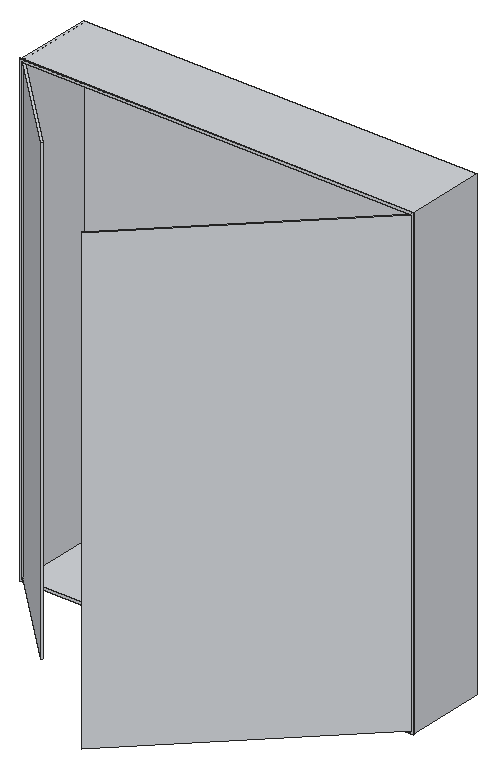
Revit family "Univers-IP44-leer-Unterputz-NoHosted-AT-de", category Electrical Equipment, Revit 2020
Family settings
  Panel Configuration = Two Columns, Circuits Across
  Round Connector Dimension = Use Diameter
  Part Type = Panelboard
  Work Plane-Based = Yes
  Always vertical = Yes
  Cut with Voids When Loaded = No
  Shared = No
  Room Calculation Point = No
Parameters (values of type "Unterputz IP44 B800 H950 T161 0 Teilungseinheiten - FWB63D")
  Width Control [instance] = if([HG000006 - Unterputz], if([EF000846 - Einbaubreite] > min_whd, [EF000846 - Einbaubreite], min_whd), if([EF000008 - Breite] > min_whd, ([EF000008 - Breite]), min_whd))  # 800 mm
  Void Depth [instance] = if([EF000218 - Einbautiefe] > 1 mm, [EF000218 - Einbautiefe], 1 mm)  # 161 mm
  Type Comments = [HG000003 - Bereich]  # "Univers"
  System Height [instance] = Height Control - 2 * [HG000005 - Dicke]  # 944 mm
  Panel Name [instance] = ""  # (empty or 0)
  Offset [instance] = 0 mm
  Model = [HG000004 - Herstellerreferenz]  # "FWB63D"
  Level Offset [instance] = [Flush Mounted - Door Frame Width] + Offset  # 0 mm
  HG000011 - Leere Reihen von unten = no
  HG000010 - Asymmetrische Türen = yes
  HG000009 - Doppelflügeligen Tür = yes
  HG000008 - Anzahl der leeren Reihen = 0
  HG000007 - Anzahl der leeren Spalten = 0
  HG000006 - Unterputz = yes
  HG000005 - Dicke = 3 mm  # constant formula
  HG000004 - Herstellerreferenz = "FWB63D"
  HG000003 - Bereich = "Univers"
  HG000002 - Mit tür = yes
  HG000001 - Anzahl der Spalten = 0
  EF015941 - Signaldurchlassende Tür = no
  EF015777 - Neutralleiterklemmenblock = no
  EF015776 - Erdungsklemmenblock = no
  EF009212 - Ausführung Deckel = "EV000116 - geschlossen"
  EF006306 - Mit Schloss = no
  EF006244 - Transparenter Deckel/Tür = no
  EF005474 - Schutzart (IP) = "EV006418 - IP44"
  EF004462 - Art der Schließung = "EV000154 - sonstige"
  EF002950 - Breite in Teilungseinheiten = 0
  EF001596 - Werkstoff des Gehäuses = "EV000179 - Stahl"
  EF001134 - DIN-Schiene = no
  EF001131 - Innentiefe = 156 mm
  EF001088 - Anbaumöglichkeit = no
  EF001062 - EMV-Ausführung = no
  EF000846 - Einbaubreite = 800 mm
  EF000339 - Art der Abdeckung = "EV004216 - Tür"
  EF000332 - Einbauhöhe = 950 mm
  EF000266 - Anzahl der Reihen = 0
  EF000218 - Einbautiefe = 161 mm
  EF000118 - Mit Montageplatte = no
  EF000116 - RAL-Nummer = "9010"
  EF000049 - Tiefe = 161 mm
  EF000040 - Höhe = 950 mm
  EF000008 - Breite = 800 mm
  EF000007 - Farbe = "EV000202 - weiß"
  EF000003 - Montageart = "EV001247 - Aufputz/Unterputz"
  Description = ""
  Default Elevation = 1219.2 mm
  Arrow Offset [instance] = Depth Control / 8  # 20.125 mm
  Arrow Height [instance] = Depth Control - Arrow Offset  # 140.875 mm
  Host Offset [instance] = if([HG000006 - Unterputz], 0 mm, [EF000049 - Tiefe])  # 0 mm
  min_whd [instance] = (2 * [HG000005 - Dicke]) + 1 mm  # 7 mm
  Manufacturer = "Hager"  # constant formula
  Height Control [instance] = if([HG000006 - Unterputz], if([EF000332 - Einbauhöhe] > min_whd, [EF000332 - Einbauhöhe], min_whd), if([EF000040 - Höhe] > min_whd, ([EF000040 - Höhe]), min_whd))  # 950 mm
  Flush Mounted - Door Frame Width [instance] = if(([EF000040 - Höhe] - [EF000332 - Einbauhöhe]) > 0 mm, if([HG000006 - Unterputz], [EF000040 - Höhe] - [EF000332 - Einbauhöhe], 0 mm), 0 mm)  # 0 mm
  Tür rechts [instance] = yes
  Tür links [instance] = not(Tür rechts)  # no
  Türschwenkwinkel [instance] = 45.00°
  3D-Türsichtbarkeit [instance] = yes
  Depth Control [instance] = if([HG000006 - Unterputz], if([EF000218 - Einbautiefe] > 0 mm, [EF000218 - Einbautiefe], 1 mm), if([EF000049 - Tiefe] > 0 mm, ([EF000049 - Tiefe]), 1 mm))  # 161 mm
  Sichtbarkeit der Türöffnung [instance] = no
Types (21, lengths in mm): name | Width Control | Void Depth | System Height | Model | HG000010 - Asymmetrische Türen | HG000009 - Doppelflügeligen Tür | HG000004 - Herstellerreferenz | EF009212 - Ausführung Deckel | EF004462 - Art der Schließung | EF001131 - Innentiefe | EF000846 - Einbaubreite | EF000332 - Einbauhöhe | EF000218 - Einbautiefe | EF000049 - Tiefe | EF000040 - Höhe | EF000008 - Breite | Arrow Offset | Arrow Height | Height Control | Depth Control
  Unterputz IP44 B1050 H1100 T161 0 Teilungseinheiten - FWB74D | 1050 | 161 | 1094 | "FWB74D" | no | yes | "FWB74D" | "EV000116 - geschlossen" | "EV000154 - sonstige" | 160 | 1050 | 1100 | 161 | 161 | 1100 | 1050 | 20.125 | 140.875 | 1100 | 161
  Unterputz IP44 B1050 H500 T161 0 Teilungseinheiten - FWB34D | 1050 | 161 | 494 | "FWB34D" | no | yes | "FWB34D" | "EV000116 - geschlossen" | "EV000154 - sonstige" | 156 | 1050 | 500 | 161 | 161 | 500 | 1050 | 20.125 | 140.875 | 500 | 161
  Unterputz IP44 B1050 H650 T161 0 Teilungseinheiten - FWB44D | 1050 | 161 | 644 | "FWB44D" | no | yes | "FWB44D" | "EV000116 - geschlossen" | "EV000154 - sonstige" | 156 | 1050 | 650 | 161 | 161 | 650 | 1050 | 20.125 | 140.875 | 650 | 161
  Unterputz IP44 B1050 H800 T161 0 Teilungseinheiten - FWB54D | 1050 | 161 | 794 | "FWB54D" | no | yes | "FWB54D" | "EV000116 - geschlossen" | "EV000154 - sonstige" | 156 | 1050 | 800 | 161 | 161 | 800 | 1050 | 20.125 | 140.875 | 800 | 161
  Unterputz IP44 B1050 H950 T161 0 Teilungseinheiten - FWB64D | 1050 | 161 | 944 | "FWB64D" | no | yes | "FWB64D" | "EV000116 - geschlossen" | "EV000154 - sonstige" | 156 | 1050 | 950 | 161 | 161 | 950 | 1050 | 20.125 | 140.875 | 950 | 161
  Unterputz IP44 B300 H1100 T161 0 Teilungseinheiten - FWB71D | 300 | 161 | 1094 | "FWB71D" | no | no | "FWB71D" | "EV000116 - geschlossen" | "EV000154 - sonstige" | 160 | 300 | 1100 | 161 | 161 | 1100 | 300 | 20.125 | 140.875 | 1100 | 161
  Unterputz IP44 B300 H1250 T160 0 Teilungseinheiten - FWB81D | 300 | 160 | 1244 | "FWB81D" | no | no | "FWB81D" | "EV000116 - geschlossen" | "0" | 160 | 300 | 1250 | 160 | 160 | 1250 | 300 | 20 | 140 | 1250 | 160
  Unterputz IP44 B300 H500 T161 0 Teilungseinheiten - FWB31D | 300 | 161 | 494 | "FWB31D" | no | no | "FWB31D" | "EV000116 - geschlossen" | "EV000154 - sonstige" | 156 | 300 | 500 | 161 | 161 | 500 | 300 | 20.125 | 140.875 | 500 | 161
  Unterputz IP44 B300 H650 T161 0 Teilungseinheiten - FWB41D | 300 | 161 | 644 | "FWB41D" | no | no | "FWB41D" | "EV000116 - geschlossen" | "EV000154 - sonstige" | 160 | 300 | 650 | 161 | 161 | 650 | 300 | 20.125 | 140.875 | 650 | 161
  Unterputz IP44 B300 H800 T161 0 Teilungseinheiten - FWB51D | 300 | 161 | 794 | "FWB51D" | no | no | "FWB51D" | "EV000116 - geschlossen" | "EV000154 - sonstige" | 160 | 300 | 800 | 161 | 161 | 800 | 300 | 20.125 | 140.875 | 800 | 161
  Unterputz IP44 B300 H950 T161 0 Teilungseinheiten - FWB61D | 300 | 161 | 944 | "FWB61D" | no | no | "FWB61D" | "EV000116 - geschlossen" | "EV000154 - sonstige" | 160 | 300 | 950 | 161 | 161 | 950 | 300 | 20.125 | 140.875 | 950 | 161
  Unterputz IP44 B550 H1100 T161 0 Teilungseinheiten - FWB72D | 550 | 161 | 1094 | "FWB72D" | no | no | "FWB72D" | "EV000116 - geschlossen" | "EV000154 - sonstige" | 160 | 550 | 1100 | 161 | 161 | 1100 | 550 | 20.125 | 140.875 | 1100 | 161
  Unterputz IP44 B550 H500 T161 0 Teilungseinheiten - FWB32D | 550 | 161 | 494 | "FWB32D" | no | no | "FWB32D" | "EV000116 - geschlossen" | "EV000154 - sonstige" | 156 | 550 | 500 | 161 | 161 | 500 | 550 | 20.125 | 140.875 | 500 | 161
  Unterputz IP44 B550 H650 T161 0 Teilungseinheiten - FWB42D | 550 | 161 | 644 | "FWB42D" | no | no | "FWB42D" | "EV000116 - geschlossen" | "EV000154 - sonstige" | 160 | 550 | 650 | 161 | 161 | 650 | 550 | 20.125 | 140.875 | 650 | 161
  Unterputz IP44 B550 H800 T161 0 Teilungseinheiten - FWB52D | 550 | 161 | 794 | "FWB52D" | no | no | "FWB52D" | "EV000116 - geschlossen" | "EV000154 - sonstige" | 160 | 550 | 800 | 161 | 161 | 800 | 550 | 20.125 | 140.875 | 800 | 161
  Unterputz IP44 B550 H950 T161 0 Teilungseinheiten - FWB62D | 550 | 161 | 944 | "FWB62D" | no | no | "FWB62D" | "EV000116 - geschlossen" | "EV000154 - sonstige" | 160 | 550 | 950 | 161 | 161 | 950 | 550 | 20.125 | 140.875 | 950 | 161
  Unterputz IP44 B800 H1100 T161 0 Teilungseinheiten - FWB73D | 800 | 161 | 1094 | "FWB73D" | yes | yes | "FWB73D" | "EV000116 - geschlossen" | "EV000154 - sonstige" | 156 | 800 | 1100 | 161 | 161 | 1100 | 800 | 20.125 | 140.875 | 1100 | 161
  Unterputz IP44 B800 H500 T161 0 Teilungseinheiten - FWB33D | 800 | 161 | 494 | "FWB33D" | yes | yes | "FWB33D" | "EV000116 - geschlossen" | "EV000154 - sonstige" | 160 | 800 | 500 | 161 | 161 | 500 | 800 | 20.125 | 140.875 | 500 | 161
  Unterputz IP44 B800 H650 T161 0 Teilungseinheiten - FWB43D | 800 | 161 | 644 | "FWB43D" | yes | yes | "FWB43D" | "EV009916 - mit Ausschnitt" | "EV000154 - sonstige" | 160 | 800 | 650 | 161 | 161 | 650 | 800 | 20.125 | 140.875 | 650 | 161
  Unterputz IP44 B800 H800 T161 0 Teilungseinheiten - FWB53D | 800 | 161 | 794 | "FWB53D" | yes | yes | "FWB53D" | "EV000116 - geschlossen" | "EV000154 - sonstige" | 160 | 800 | 800 | 161 | 161 | 800 | 800 | 20.125 | 140.875 | 800 | 161
  Unterputz IP44 B800 H950 T161 0 Teilungseinheiten - FWB63D | 800 | 161 | 944 | "FWB63D" | yes | yes | "FWB63D" | "EV000116 - geschlossen" | "EV000154 - sonstige" | 156 | 800 | 950 | 161 | 161 | 950 | 800 | 20.125 | 140.875 | 950 | 161
Reference planes
  plane 1 "Center (Front/Back)": y = 0
  plane 2: z = 0
  plane 3 "Center (Left/Right)": x = 0
  plane 4: y = 3
  plane 5: y = 161
  plane 6: y = 0
  plane 7: z = 0
  plane 8: x = -400
  plane 9: x = 400
  plane 10: x = 397
  plane 11: x = -397
  plane 12: z = 0
  plane 13: z = 3
  plane 14: y = 5
  plane 15: y = 0
  plane 16: y = 158
  plane 17: z = 947
  plane 18: z = 950
  plane 19: z = 475
  plane 20: x = 2000
  plane 21: x = 0
  plane 22: y = -2100
  plane 23: y = -100
Forms (mm)
  Extrusion 1, solid
    sketch origin (-208.679, -4572, 0) x (-1, 0, 0) y (0, -1, 0)
      loop
        line (191.321, -4572) -> (-608.679, -4572) -> (-608.679, -4733) -> (191.321, -4733) -> (191.321, -4572)
    from 0 to 950 <- "Height Control"
  Extrusion 2, void
    sketch origin (-350.771, 0, 1219.2) x (1, 0, 0) y (0, 0, 1)
      loop
        line (-46.229, -272.2) -> (-46.229, -1216.2) -> (747.771, -1216.2) -> (747.771, -272.2) -> (-46.229, -272.2)
    from 0 to -158
  Extrusion 3, solid, detail levels coarse
    sketch origin (-350.771, 0, 1219.2) x (-1, 0, 0) y (0, 0, 1)
      loop
        line (46.229, -272.2) -> (-747.771, -272.2) -> (-747.771, -1216.2) -> (46.229, -1216.2) -> (46.229, -272.2)
    from 0 to 3 <- "HG000005 - Dicke"
Cuts and joins
  Extrusion 2 cuts Extrusion 1
Dimensions and locks
  "Flush Mounted - Door Frame Width": plane 1 "Center (Front/Back)" to plane 6
  "HG000005 - Dicke": plane 4 to plane 6
  "HG000005 - Dicke": plane 8 to plane 11
  "HG000005 - Dicke": plane 9 to plane 10
  equal spacing: plane 8, plane 3 "Center (Left/Right)", plane 9
  "Width Control": plane 8 to plane 9
  locked: plane 14 to plane 15 at 5
  "Host Offset": plane 1 "Center (Front/Back)" to plane 15
  "Depth Control": plane 5 to plane 15
  "HG000005 - Dicke": plane 5 to plane 16
  "HG000005 - Dicke": plane 13 to plane 12
  "Level Offset": plane 12 to level
  "HG000005 - Dicke": plane 18 to plane 17
  "Height Control": plane 18 to plane 12
  "Arrow Offset": plane 5 to nested 4
  equal spacing: plane 18, plane 19, plane 12
  locked: connector elem to plane 19
  locked: connector elem to plane 3 "Center (Left/Right)"
  locked: plane 3 "Center (Left/Right)" to plane 20 at 2000
  locked: plane 21 to plane 20 at 2000
  locked: plane 23 to plane 22 at 2000
  aligned and locked: nested 1 to plane 14
  aligned and locked: plane 3 "Center (Left/Right)" to nested 1
  aligned and locked: plane 3 "Center (Left/Right)" to nested 2
  aligned and locked: nested 2 to plane 15
  aligned and locked: Extrusion 1 to plane 5
  aligned and locked: Extrusion 3 sketch curve to plane 17
  aligned and locked: Extrusion 3 sketch curve to plane 11
  aligned and locked: Extrusion 3 sketch curve to plane 13
  aligned and locked: Extrusion 3 sketch curve to plane 10
  aligned and locked: Extrusion 2 sketch curve to plane 13
  aligned and locked: Extrusion 2 sketch curve to plane 10
  aligned and locked: Extrusion 2 sketch curve to plane 17
  aligned and locked: Extrusion 2 sketch curve to plane 11
  aligned and locked: plane 16 to Extrusion 2
  aligned and locked: Extrusion 1 sketch curve to plane 5
  aligned and locked: plane 9 to Extrusion 1 sketch curve
  aligned and locked: plane 8 to Extrusion 1 sketch curve
  aligned and locked: plane 8 to nested 4
  aligned and locked: nested 3 to plane 8
  aligned and locked: nested 3 to plane 5
  aligned and locked: Extrusion 1 sketch curve to plane 15
  aligned and locked: Extrusion 2 to plane 15
Nested families
  nested 1: "Hager_Enclosure_System" at (0, 5, 3), No_Columns <- "HG000001 - Anzahl der Spalten", Flush_Mounted <- "HG000006 - Unterputz", Width <- "EF000008 - Breite", Height <- "System Height", Width_Control <- "Width Control", Row_Module_Multiplicator <- "EF002950 - Breite in Teilungseinheiten", Empty_Columns <- "HG000007 - Anzahl der leeren Spalten", No_Rows <- "EF000266 - Anzahl der Reihen", Built-in_Width <- "EF000846 - Einbaubreite", Border <- "HG000005 - Dicke", Total_No_Empty_Rows <- "HG000008 - Anzahl der leeren Reihen", Depth <- "HG000005 - Dicke", Empty_Rows_From_Bottom <- "HG000011 - Leere Reihen von unten", type "Hager_Enclosure_System", detail levels medium+fine
    with Width_Control 800 mm, Width 800 mm, Total_No_Rows 0, Total_No_Empty_Rows 0, Total_No_Columns 1, System_Width 794 mm, Rows_Column 0, Row_Module_Multiplicator 0, Panel_4 no, Panel_3 no, Panel_2 no, Panel_1 no, No_Rows 0, No_Panels_Ctrl 1, No_Columns 0, Hide_Columns yes, Height 944 mm, Flush_Mounted yes, Empty_Rows_From_Bottom no, Empty_Rows_Column 0, Empty_Columns 0, Depth 3 mm, Column_Width 794 mm, Built-in_Width 800 mm, Border 3 mm
  nested 2: "Hager_Enclosure_Door" at (0, 0, 0), Double <- "HG000009 - Doppelflügeligen Tür", Height_Ctrl <- "Height Control", Transparent <- "EF006244 - Transparenter Deckel/Tür", Depth <- "EF000049 - Tiefe", Height <- "EF000040 - Höhe", Angle <- "Türschwenkwinkel", Door_Right <- "Tür rechts", Assymetrical <- "HG000010 - Asymmetrische Türen", Flush_Mounted <- "HG000006 - Unterputz", BuiltIn_Depth <- "EF000218 - Einbautiefe", BuiltIn_Width <- "EF000846 - Einbaubreite", Door <- "HG000002 - Mit tür", Width_Ctrl <- "Width Control", 3d_Door <- "3D-Türsichtbarkeit", Width <- "EF000008 - Breite", Border <- "HG000005 - Dicke", BuiltIn_Height <- "EF000332 - Einbauhöhe", Clearance <- "Sichtbarkeit der Türöffnung", Door_Left <- "Tür links", type "Hager_Enclosure_Door", detail levels medium+fine
    with min_wh 7 mm, Width_Ctrl 800 mm, Width 800 mm, Transparent no, Leaf_Width 791 mm, Leaf_Tolerance 1.5 mm, Leaf_Height 941 mm, Leaf_2_Width 526.583 mm, Leaf_2_Offset 263.292 mm, Leaf_1_Width 262.917 mm, Leaf_1_Offset 131.458 mm, Height_Ctrl 950 mm, Height 950 mm, Frame_Width_Ctrl 1 mm, Frame_Width 0 mm, Frame_Internal_Offset 3 mm, Frame_Height_Ctrl 1 mm, Frame_Height 0 mm, Frame_Depth_Ctrl 1 mm, Frame_Depth 0 mm, Flush_Mounted yes, Double_Clearance_Ctrl no, Double yes, Door_Right_Ctrl yes, Door_Right yes, Door_Left_Ctrl yes, Door_Left no, Door yes, Depth 161 mm, Clearance_Depth 526.583 mm, Clearance_Ctrl no, Clearance no, BuiltIn_Width 800 mm, BuiltIn_Height 950 mm, BuiltIn_Depth 161 mm, Border 3 mm, Assymetrical yes, Angle 45.00°, 3d_Door yes
  nested 3: "Hager_Enclosure_Symbol_Triangle" at (-400, 161, 0), Depth <- "Depth Control", Width <- "Width Control", type "Hager_Enclosure_Symbol_Triangle"
    with Width_Ctrl 800 mm, Width 800 mm, Depth_Ctrl 161 mm, Depth 161 mm
  nested 4: "Hager_Enclosure_Symbol_Arrow" at (-400, 140.875, 0), Height <- "Arrow Height", type "Hager_Enclosure_Symbol_Arrow"
    with Width_Inside 10.566 mm, Width 126.788 mm, Height_Ctrl 140.875 mm, Height 140.875 mm
Connectors
  electrical at (0, 161, 475)
    settings: on plane 5, index 1, voltage 0 V, apparent load 0 VA, apparent load phase1 0 VA, apparent load phase2 0 VA, apparent load phase3 0 VA, power factor 1, load classification "Other", number of poles 1, system type 30, power factor state 1, is connector primary yes, connector utility no, sub classification motor no, connector description ""
Definition of nested family "Hager_Enclosure_Door"
  Parameters (values of type "Hager_Enclosure_Door")
    min_wh [instance] = (2 * Border) + 1 mm  # 11 mm
    Width_Ctrl [instance] = 400 mm
    Width [instance] = 500 mm
    Transparent [instance] = yes
    Leaf_Width [instance] = if((Width_Ctrl - 2 * Border - 2 * Leaf_Tolerance) > 0 mm, (Width_Ctrl - 2 * Border - 2 * Leaf_Tolerance), min_wh)  # 387 mm
    Leaf_Tolerance [instance] = 1.5 mm  # constant formula
    Leaf_Height [instance] = if((Height_Ctrl - 2 * Border - 2 * Leaf_Tolerance) > 0 mm, (Height_Ctrl - 2 * Border - 2 * Leaf_Tolerance), min_wh)  # 387 mm
    Leaf_2_Width [instance] = if(and(and(Double, Assymetrical), Door_Left), (Leaf_Width / 3) - (Leaf_Tolerance / 2), if(and(and(Double, Assymetrical), Door_Right), (Leaf_Width / 3) * 2 - (Leaf_Tolerance / 2), if(and(Double, not(Assymetrical)), (Leaf_Width / 2) - Leaf_Tolerance, Leaf_Width)))  # 192 mm
    Leaf_2_Offset [instance] = if(and(Double, Assymetrical), Leaf_2_Width / 2, if(and(Double, not(Assymetrical)), Leaf_Width / 4, Leaf_Width / 2))  # 96.75 mm
    Leaf_1_Width [instance] = if(and(and(Double, Assymetrical), Door_Right), (Leaf_Width / 3) - (Leaf_Tolerance / 2), if(and(and(Double, Assymetrical), Door_Left), (Width / 3) * 2 - (Leaf_Tolerance / 2), if(and(Double, not(Assymetrical)), (Leaf_Width / 2) - Leaf_Tolerance, Leaf_Width)))  # 192 mm
    Leaf_1_Offset [instance] = if(and(Double, Assymetrical), Leaf_1_Width / 2, if(and(Double, not(Assymetrical)), Leaf_Width / 4, Leaf_Width / 2))  # 96.75 mm
    Height_Ctrl [instance] = 400 mm
    Height [instance] = 500 mm
    Frame_Width_Ctrl [instance] = if(Frame_Width > 0 mm, Frame_Width, 1 mm)  # 1 mm
    Frame_Width [instance] = Width - BuiltIn_Width  # 0 mm
    Frame_Internal_Offset [instance] = if(Flush_Mounted, Border, 0 mm)  # 0 mm
    Frame_Height_Ctrl [instance] = if(Frame_Height > 0 mm, Frame_Height, 1 mm)  # 1 mm
    Frame_Height [instance] = Height - BuiltIn_Height  # 0 mm
    Frame_Depth_Ctrl [instance] = if(Frame_Depth > 0 mm, Frame_Depth, 1 mm)  # 1 mm
    Frame_Depth [instance] = if(Depth - BuiltIn_Depth > 0 mm, if(Flush_Mounted, Depth - BuiltIn_Depth, 0 mm), 0 mm)  # 0 mm
    Flush_Mounted [instance] = no
    Double_Clearance_Ctrl [instance] = and(Double, Clearance)  # yes
    Double [instance] = yes
    Door_Right_Ctrl [instance] = and(or(Door_Right, Double), Door)  # yes
    Door_Right [instance] = yes
    Door_Left_Ctrl [instance] = and(or(Door_Left, Double), Door)  # yes
    Door_Left [instance] = no
    Door [instance] = yes
    Depth [instance] = 500 mm
    Default Elevation = 1219.2 mm
    Clearance_Material = none
    Clearance_Depth [instance] = if(Leaf_1_Width > Leaf_2_Width, Leaf_1_Width, Leaf_2_Width)  # 192 mm
    Clearance_Ctrl [instance] = and(not(Double), Clearance)  # no
    Clearance [instance] = yes
    BuiltIn_Width [instance] = 500 mm
    BuiltIn_Height [instance] = 500 mm
    BuiltIn_Depth [instance] = 500 mm
    Border [instance] = 5 mm
    Assymetrical [instance] = no
    Angle [instance] = 65.00°
    3d_Door [instance] = yes
  Reference planes
    plane 1 "Center (Front/Back)": y = 0
    plane 2 "Bottom": z = 0
    plane 3 "Center (Left/Right)": x = 0
    plane 4: z = 400
    plane 5: x = -200
    plane 6: x = 200
    plane 7: z = 395
    plane 8: x = -195
    plane 9: z = 5
    plane 10: x = 195
    plane 11: y = 0
    plane 12: z = 6.5
    plane 13: x = -387
    plane 14: y = -192
    plane 15: x = 387
    plane 16: x = -96.75
    plane 17: x = 96.75
    plane 18: x = -193.5
    plane 19: x = 193.5
    plane 20: z = 393.5
  Forms (mm)
    Extrusion 1, solid, visible <- "Flush_Mounted"
      sketch origin (0, 0, 0) x (1, 0, 0) y (0, 0, 1)
        loop
          line (200, 0) -> (200, 400) -> (-200, 400) -> (-200, 0) -> (200, 0)
        loop
          line (-201, 401) -> (-201, -1) -> (201, -1) -> (201, 401) -> (-201, 401)
      from 0 to 1 <- "Frame_Depth_Ctrl"
    Extrusion 2, solid, material <- "Clearance_Material", visible <- "Double_Clearance_Ctrl"
      sketch origin (1200, 0, 0) x (1, 0, 0) y (0, 0, -1)
        loop
          line (-1587, -393.5) -> (-813, -393.5) -> (-813, 0) -> (-1587, 0) -> (-1587, -393.5)
      from 0 to -192
  Dimensions and locks
    equal spacing: plane 5, plane 3 "Center (Left/Right)", plane 6
    "Width_Ctrl": plane 5 to plane 6
    "Border": plane 5 to plane 8
    "Border": plane 6 to plane 10
    "Border": plane 9 to level
    "Border": plane 4 to plane 7
    "Height_Ctrl": plane 4 to level
    "Leaf_Tolerance": plane 12 to plane 9
    "Frame_Depth": plane 11 to plane 1 "Center (Front/Back)"
    "Frame_Width_Ctrl": plane 5 to Extrusion 1 sketch curve
    "Frame_Width_Ctrl": plane 6 to Extrusion 1 sketch curve
    "Frame_Width_Ctrl": Extrusion 1 sketch curve to plane 4
    "Frame_Width_Ctrl": plane 2 "Bottom" to Extrusion 1 sketch curve
    "Leaf_1_Offset": plane 18 to plane 16
    "Leaf_2_Offset": plane 17 to plane 19
    "Leaf_1_Width": plane 13 to plane 8
    "Leaf_2_Width": plane 10 to plane 15
    "Clearance_Depth": plane 14 to plane 1 "Center (Front/Back)"
    "Leaf_Tolerance": plane 8 to plane 18
    "Leaf_Tolerance": plane 19 to plane 10
    "Leaf_Tolerance": plane 7 to plane 20
    "Frame_Internal_Offset": plane 5 to Extrusion 1 sketch curve
    "Frame_Internal_Offset": Extrusion 1 sketch curve to plane 2 "Bottom"
    "Frame_Internal_Offset": plane 6 to Extrusion 1 sketch curve
    "Frame_Internal_Offset": plane 4 to Extrusion 1 sketch curve
    aligned and locked: level to plane 2 "Bottom"
    aligned and locked: nested 1 to plane 16
    aligned and locked: nested 2 to plane 17
    aligned and locked: Extrusion 2 to plane 13
    aligned and locked: plane 15 to Extrusion 2
    aligned and locked: Extrusion 2 to plane 14
    aligned and locked: plane 12 to nested 1
    aligned and locked: nested 2 to plane 12
    aligned and locked: Extrusion 2 to plane 11
    aligned and locked: plane 20 to Extrusion 2
    aligned and locked: nested 2 to plane 11
    aligned and locked: nested 1 to plane 11
  Automatic sketch dimensions
    Extrusion 2 sketch curve to level = 0 mm
    plane 5 to Extrusion 2 sketch curve = 187 mm
    plane 6 to Extrusion 2 sketch curve = 187 mm
    Extrusion 2 sketch curve to plane 4 = 6.5 mm
  Nested families
    nested 1: "Hager_Enclosure_Door_Leaf" at (-96.75, 0, 6.5), Width <- "Leaf_1_Width", visible <- "Door_Left_Ctrl", Leaf_Height <- "Leaf_Height", Angle <- "Angle", Depth <- "Border", 3d_Door <- "3d_Door", Transparent <- "Transparent", Clearance Material <- "Clearance_Material", Clearance <- "Clearance_Ctrl", type "Hager_Enclosure_Door_Leaf"
      with Width 192 mm, Transparent_Door_Border 25 mm, Transparent_Ctrl yes, Transparent yes, Standard no, Leaf_Height 387 mm, Glass_Offset 1 mm, Depth 5 mm, Clearance Material none, Clearance no, Angle_Ctrl 65.00°, Angle 65.00°, 3d_Door yes
    nested 2: "Hager_Enclosure_Door_Leaf" at (96.75, 0, 6.5) x (-1, 0, 0) z (0, 0, 1), Width <- "Leaf_2_Width", visible <- "Door_Right_Ctrl", Leaf_Height <- "Leaf_Height", Angle <- "Angle", Depth <- "Border", 3d_Door <- "3d_Door", Transparent <- "Transparent", Clearance Material <- "Clearance_Material", Clearance <- "Clearance_Ctrl", type "Hager_Enclosure_Door_Leaf"
      with Width 192 mm, Transparent_Door_Border 25 mm, Transparent_Ctrl yes, Transparent yes, Standard no, Leaf_Height 387 mm, Glass_Offset 1 mm, Depth 5 mm, Clearance Material none, Clearance no, Angle_Ctrl 65.00°, Angle 65.00°, 3d_Door yes
  Definition of nested family "Hager_Enclosure_Door_Leaf"
    Parameters (values of type "Hager_Enclosure_Door_Leaf")
      Width [instance] = 200 mm
      Transparent_Door_Border [instance] = 25 mm  # constant formula
      Transparent_Ctrl [instance] = and(Transparent, [3d_Door])  # yes
      Transparent [instance] = yes
      Standard [instance] = and(not(Transparent), [3d_Door])  # no
      Leaf_Height [instance] = 500 mm
      Glass_Offset [instance] = if((Depth - 10 mm) / 2 > 0 mm, (Depth - 10 mm) / 2, 1 mm)  # 1 mm
      Glass_Material = none
      Depth [instance] = 3 mm
      Default Elevation = 0 mm
      Clearance Material [instance] = none
      Clearance [instance] = no
      Angle_Ctrl [instance] = if(Angle > 170.00°, 170.00°, Angle)  # 163.00°
      Angle [instance] = 163.00°
      3d_Door [instance] = yes
    Reference planes
      plane 1 "Center (Front/Back)": y = 0
      plane 2: z = 0
      plane 3 "Center (Left/Right)": x = 0
      plane 4: y = 200
      plane 5: x = -100
      plane 6: x = 100
      plane 7: x = -300
      plane 8: z = 500
      plane 9: z = 25
      plane 10: z = 475
      plane 11: x = 75
      plane 12: x = -75
    Forms (mm)
      Extrusion 1, solid, material <- "Clearance Material", visible <- "Clearance"
        sketch origin (0, 0, 0) x (1, 0, 0) y (0, 0, 1)
          loop
            line (-300, 500) -> (-300, 0) -> (100, 0) -> (100, 500) -> (-300, 500)
        from 0 to -200
      Extrusion 2, solid, visible <- "Standard", detail levels fine
        sketch origin (-100, 0, 0) x (-0.956305, 0.292372, 0) y (-0.292372, -0.956305, 0)
          loop
            line (0, -3) -> (200, -3) -> (200, 0) -> (0, 0) -> (0, -3)
        from 0 to 500 <- "Leaf_Height"
      Extrusion 3, solid, visible <- "Transparent_Ctrl", detail levels fine
        sketch origin (-100, 0, 0) x (-0.956305, 0.292372, 0) y (-0.292372, -0.956305, 0)
          loop
            line (0, -3) -> (200, -3) -> (200, 0) -> (0, 0) -> (0, -3)
        from 0 to 500 <- "Leaf_Height"
      Extrusion 4, void, detail levels fine
        sketch origin (-100, 0, 0) x (-0.292372, -0.956305, 0) y (-0.956305, 0.292372, 0)
          loop
            line (0, 25) -> (0, 175) -> (-3, 175) -> (-3, 25) -> (0, 25)
        from -475 to -25
      Extrusion 5, solid, material <- "Glass_Material", visible <- "Transparent_Ctrl", detail levels fine
        sketch origin (-100, 0, 0) x (-0.956305, 0.292372, 0) y (-0.292372, -0.956305, 0)
          loop
            line (25, -1) -> (25, -2) -> (175, -2) -> (175, -1) -> (25, -1)
        from 25 to 475
    Cuts and joins
      Extrusion 4 cuts Extrusion 3
    Lines and regions (mm)
      symbolic lines
        curve 1: line (100, 0, 0) -> (-300, 0, 0)
        curve 2: arc (100, 0, 0) -> (-100, 200, 0) -> (-300, 0, 0) r 200
        curve 4: line (-100, 0, 0) -> (-291.261, 58.474, 0)
      reference lines
        curve 3: line (-100, 0, 0) -> (-291.261, 58.474, 0)
      symbolic lines, detail levels medium+fine
        curve 5: line (-291.261, 58.474, 0) -> (-290.384, 61.343, 0)
        curve 6: line (-290.384, 61.343, 0) -> (-99.123, 2.869, 0)
        curve 7: line (-99.123, 2.869, 0) -> (-100, 0, 0)
      symbolic lines, detail levels fine
        curve 8: line (-100, 0, 500) -> (100, 0, 500)
        curve 9: line (-100, 0, 0) -> (-100, 0, 500)
        curve 10: line (100, 0, 0) -> (-100, 0, 0)
        curve 11: line (100, 0, 500) -> (100, 0, 0)
      symbolic lines, visible <- "Transparent_Ctrl", detail levels fine
        curve 12: line (-75, 0, 475) -> (75, 0, 475)
        curve 13: line (-75, 0, 25) -> (-75, 0, 475)
        curve 14: line (75, 0, 25) -> (-75, 0, 25)
        curve 15: line (75, 0, 475) -> (75, 0, 25)
    Dimensions and locks
      "Width": plane 1 "Center (Front/Back)" to plane 4
      equal spacing: plane 5, plane 3 "Center (Left/Right)", plane 6
      "Width": plane 5 to plane 6
      "Width": plane 7 to plane 5
      "Leaf_Height": plane 8 to level
      "Depth": curve 6 to curve 3
      "Width": curve 5 to curve 3
      "Width": curve 3 to curve 3
      "Transparent_Door_Border": Extrusion 4 sketch curve to curve 7
      "Transparent_Door_Border": Extrusion 4 sketch curve to curve 5
      "Transparent_Door_Border": plane 8 to plane 10
      "Transparent_Door_Border": plane 9 to level
      "Glass_Offset": Extrusion 5 sketch curve to curve 4
      "Glass_Offset": Extrusion 5 sketch curve to curve 6
      "Transparent_Door_Border": Extrusion 5 sketch curve to curve 5
      "Transparent_Door_Border": Extrusion 5 sketch curve to curve 7
      "Transparent_Door_Border": plane 12 to plane 5
      "Transparent_Door_Border": plane 6 to plane 11
      "Angle_Ctrl": angle plane 1 "Center (Front/Back)" to curve 3
      aligned and locked: level to plane 2
      aligned and locked: Extrusion 1 to curve 1
      aligned and locked: plane 6 to Extrusion 1
      aligned and locked: plane 1 "Center (Front/Back)" to Extrusion 1
      aligned and locked: plane 4 to Extrusion 1
      aligned and locked: plane 8 to Extrusion 1
      aligned and locked: curve 4 to curve 3
      aligned and locked: Extrusion 2 sketch curve to curve 7
      aligned and locked: Extrusion 2 sketch curve to curve 6
      aligned and locked: Extrusion 2 sketch curve to curve 5
      aligned and locked: Extrusion 2 sketch curve to curve 3
      aligned and locked: curve 7 to Extrusion 3 sketch curve
      aligned and locked: Extrusion 3 sketch curve to curve 4
      aligned and locked: Extrusion 3 sketch curve to curve 6
      aligned and locked: Extrusion 3 sketch curve to curve 5
      aligned and locked: curve 4 to Extrusion 4 sketch curve
      aligned and locked: curve 6 to Extrusion 4 sketch curve
      aligned and locked: Extrusion 4 to plane 9
      aligned and locked: Extrusion 4 to plane 10
      aligned and locked: Extrusion 5 to plane 9
      aligned and locked: Extrusion 5 to plane 10
      aligned and locked: curve 8 to plane 8
      aligned and locked: plane 5 to curve 9
      aligned and locked: plane 2 to curve 10
      aligned and locked: curve 11 to plane 6
      aligned and locked: plane 10 to curve 12
      aligned and locked: plane 12 to curve 13
      aligned and locked: plane 9 to curve 14
      aligned and locked: plane 11 to curve 15
    Automatic sketch dimensions
      plane 1 "Center (Front/Back)" to curve 2 = 0 mm
      curve 2 to plane 5 = 0 mm
      Extrusion 1 sketch curve to level = 0 mm
      Extrusion 1 sketch curve to plane 7 = 0 mm
      Extrusion 1 sketch curve to plane 6 = 0 mm
      Extrusion 1 sketch curve to plane 8 = 0 mm
      plane 1 "Center (Front/Back)" to curve 3 = 0 mm
      curve 3 to plane 5 = 0 mm
      curve 7 to curve 3 = 0 mm
Definition of nested family "Hager_Enclosure_Symbol_Triangle"
  Parameters (values of type "Hager_Enclosure_Symbol_Triangle")
    Width_Ctrl [instance] = if(Width > 1 mm, Width, 1 mm)  # 498 mm
    Width [instance] = 498 mm
    Depth_Ctrl [instance] = if(Depth > 1 mm, Depth, 1 mm)  # 72 mm
    Depth [instance] = 72 mm
  Reference planes
    plane 1 "Centre (avant/arrière)": y = 0
    plane 2: z = 0
    plane 3 "Centre (gauche/droite)": x = 0
  Lines and regions (mm)
    Filled region 1, type "Solid_Black", in view "Niveau de réf."
      outline origin (0, 0, 0) x (1, 0, 0) y (0, 1, 0)
        loop
          line (0, 0) -> (498, 0) -> (498, 72) -> (0, 0)
    reference lines, in view "Niveau de réf."
      curve 1: line (-206.153, 72, 0) -> (1083.258, 72, 0)
      curve 2: line (498, 405.456, 0) -> (498, -517.619, 0)
  Dimensions and locks
    "Depth_Ctrl": plane 1 "Centre (avant/arrière)" to curve 1
    "Width_Ctrl": plane 3 "Centre (gauche/droite)" to curve 2
    aligned and locked: curve 1 to Filled region 1 sketch curve
    aligned and locked: Filled region 1 sketch curve to plane 1 "Centre (avant/arrière)"
    aligned and locked: curve 2 to Filled region 1 sketch curve
    aligned and locked: plane 3 "Centre (gauche/droite)" to Filled region 1 sketch curve
    aligned and locked: plane 1 "Centre (avant/arrière)" to Filled region 1 sketch curve
  Automatic sketch dimensions
    curve 1 to plane 3 "Centre (gauche/droite)" = 206.153 mm
    curve 2 to curve 1 = 585.258 mm
    plane 1 "Centre (avant/arrière)" to curve 2 = 517.619 mm
    curve 2 to plane 1 "Centre (avant/arrière)" = 405.456 mm
Definition of nested family "Hager_Enclosure_Symbol_Arrow"
  Parameters (values of type "Hager_Enclosure_Symbol_Arrow")
    Width_Inside [instance] = if(Width / 12 > 2 mm, Width / 12, 2 mm)  # 4.987 mm
    Width [instance] = if(Height_Ctrl * 0.9 > 2 mm, Height_Ctrl * 0.9, 2 mm)  # 59.85 mm
    Height_Ctrl [instance] = if(Height > 2 mm, Height, 2 mm)  # 66.5 mm
    Height [instance] = 66.5 mm
  Reference planes
    plane 1 "Centre (avant/arrière)": y = 0
    plane 2: z = 0
    plane 3 "Centre (gauche/droite)": x = 0
    plane 4: x = 59.85
    plane 5: y = 28.263
    plane 6: y = 38.238
    plane 7: y = 66.5
    plane 8: x = 29.925
    plane 9: y = 33.25
  Lines and regions (mm)
    Filled region 1, type "Solid_Black", in view "Niveau de réf."
      outline origin (0, 0, 0) x (1, 0, 0) y (0, 1, 0)
        loop
          line (59.85, 66.5) -> (37.929, 52.827) -> (51.846, 41.935) -> (59.85, 66.5)
    detail lines, in view "Niveau de réf."
      curve 1: line (0, 0, 0) -> (29.925, 38.238, 0)
      curve 2: line (29.925, 38.238, 0) -> (29.925, 28.263, 0)
      curve 3: line (29.925, 28.263, 0) -> (59.85, 66.5, 0)
  Dimensions and locks
    "Width": plane 3 "Centre (gauche/droite)" to plane 4
    "Height_Ctrl": plane 7 to plane 1 "Centre (avant/arrière)"
    equal spacing: plane 3 "Centre (gauche/droite)", plane 8, plane 4
    equal spacing: plane 7, plane 9, plane 1 "Centre (avant/arrière)"
    equal spacing: plane 6, plane 9, plane 5
    "Width_Inside": plane 6 to plane 9
    equal spacing: curve 3, Filled region 1 sketch curve, Filled region 1 sketch curve
    angle Filled region 1 sketch curve to curve 3 = 20.00°
    angle curve 3 to Filled region 1 sketch curve = 20.00°
    locked: curve 3 to Filled region 1 sketch curve (angle 90.00°)
  Automatic sketch dimensions
    plane 1 "Centre (avant/arrière)" to curve 1 = 0 mm
    curve 1 to plane 3 "Centre (gauche/droite)" = 0 mm
    curve 2 to plane 6 = 0 mm
    curve 3 to plane 8 = 0 mm
    curve 3 to plane 4 = 0 mm
    curve 2 to plane 5 = 0 mm
    curve 3 to plane 7 = 0 mm
    Filled region 1 sketch curve to plane 4 = 0 mm
    Filled region 1 sketch curve to plane 7 = 0 mm
